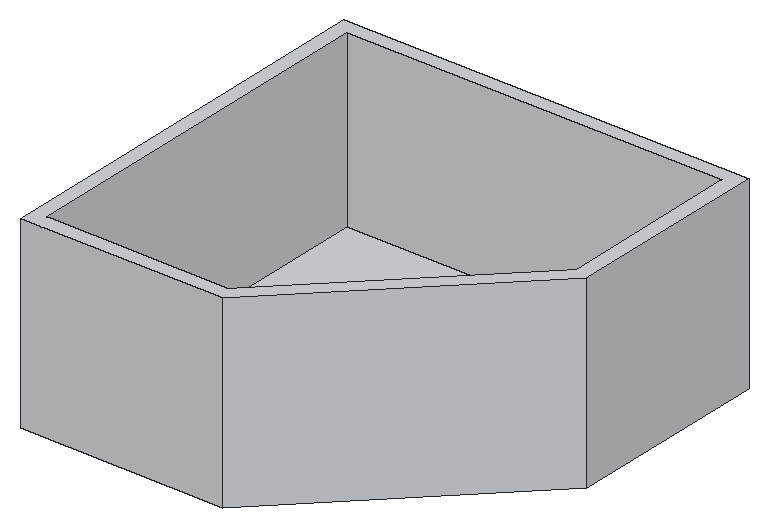
Revit family "ab53b9603e104e8f8b3d9ad6ff5f1131", category Plumbing Fixtures, Revit 2021
Family settings
  Round Connector Dimension = Use Radius
  Part Type = Normal
  OmniClass Number = 23.45.05.14.14
  OmniClass Title = Sinks/Lavatories
  Seek Item ID = Sink - Mop-0000-USA-ENU
  Work Plane-Based = No
  Always vertical = Yes
  Cut with Voids When Loaded = No
  Shared = No
  Room Calculation Point = No
Parameters (values of type "28"x28"")
  WFU = 2
  Sink Width = 2' - 4"
  Sink Material = none
  Sink Length = 2' - 4"
  Sanitary Radius = 1"
  Sanitary Diameter = Sanitary Radius * 2  # 2"
  Half Sink Width = Sink Width / 2  # 1' - 2"
  Half Sink Length = Sink Length / 2  # 1' - 2"
  HWFU = 0
  Default Elevation = 0' - 0"
  CWFU = 0
  Assembly Code = ""
Reference planes (in)
  plane 1 "Center (Front/Back)": y = 0
  plane 2: z = 0
  plane 3 "Center (Left/Right)": x = 0
  plane 4: x = 28
  plane 5: y = -28
  plane 6: z = 13
  plane 7: x = 27
  plane 8: x = 1
  plane 9: y = -27
  plane 10: y = -1
  plane 11: z = 1
  plane 12: x = 14
  plane 13: y = -14
Forms (in)
  Extrusion 1, solid, material <- "Sink Material"
    sketch origin (0, 0, 0) x (1, 0, 0) y (0, 1, 0)
      loop
        line (0, 0) -> (0, -28) -> (14, -28) -> (28, -14) -> (28, 0) -> (0, 0)
    from 0 to 13
  Extrusion 2, void
    sketch origin (0, 0, 0) x (1, 0, 0) y (0, 1, 0)
      loop
        line (1, -1) -> (1, -27) -> (13.58579, -27) -> (27, -13.58579) -> (27, -1) -> (1, -1)
    from 1 to 13
  Extrusion 3, void
    sketch origin (0, 0, 0) x (1, 0, 0) y (0, 1, 0)
      loop
        circle (14, -14) r 1
    from 0 to 1
  Extrusion 4, solid, material <- "Sink Material"
    sketch origin (0, 0, 0) x (1, 0, 0) y (0, 1, 0)
      loop
        circle (14, -14) r 1
    from 0 to 1
Cuts and joins
  Extrusion 2, Extrusion 3 cuts Extrusion 1
Dimensions and locks (in)
  "Sink Length": plane 3 "Center (Left/Right)" to plane 4
  "Sink Width": plane 5 to plane 1 "Center (Front/Back)"
  locked: plane 6 to level at 13
  locked: plane 7 to plane 4 at 1
  locked: plane 3 "Center (Left/Right)" to plane 8 at 1
  locked: plane 1 "Center (Front/Back)" to plane 10 at 1
  locked: plane 5 to plane 9 at 1
  locked: plane 11 to level at 1
  "Half Sink Length": plane 3 "Center (Left/Right)" to plane 12
  "Half Sink Width": plane 13 to plane 1 "Center (Front/Back)"
  "Sanitary Radius": radius of Extrusion 3 sketch curve
  "Sanitary Radius": radius of Extrusion 4 sketch curve
  aligned and locked: plane 1 "Center (Front/Back)" to Extrusion 1 sketch curve
  aligned and locked: Extrusion 1 sketch curve to plane 4
  aligned and locked: plane 3 "Center (Left/Right)" to Extrusion 1 sketch curve
  aligned and locked: Extrusion 1 sketch curve to plane 5
  aligned and locked: Extrusion 1 to plane 2
  aligned and locked: plane 6 to Extrusion 1
  aligned and locked: Extrusion 2 sketch curve to plane 10
  aligned and locked: Extrusion 2 sketch curve to plane 7
  aligned and locked: Extrusion 2 sketch curve to plane 9
  aligned and locked: Extrusion 2 sketch curve to plane 8
  aligned and locked: plane 2 to cut or joined group of Extrusion 1, Extrusion 2, Extrusion 3
  aligned and locked: plane 6 to cut or joined group of Extrusion 1, Extrusion 2, Extrusion 3
  aligned and locked: plane 13 to Extrusion 3 sketch curve
  aligned and locked: plane 12 to Extrusion 3 sketch curve
  aligned and locked: Extrusion 3 to plane 2
  aligned and locked: plane 11 to Extrusion 3
  aligned and locked: Extrusion 2 to plane 11
  aligned and locked: plane 13 to Extrusion 4 sketch curve
  aligned and locked: plane 12 to Extrusion 4 sketch curve
  aligned and locked: Extrusion 4 to plane 2
  aligned and locked: plane 11 to Extrusion 4
Automatic sketch dimensions
  Extrusion 1 sketch curve to plane 12 = 0' - 0"
  Extrusion 1 sketch curve to plane 13 = 0' - 0"
  Extrusion 2 sketch curve to plane 12 = 0' - 0.41421"
  plane 13 to Extrusion 2 sketch curve = 0' - 0.41421"
Connectors (in)
  piping at (14, -14, 0), diameter 2, driven by "WFU", driven by "Sanitary Radius"
    settings: on cut or joined group of Extrusion 1, Extrusion 2, Extrusion 3, index 1, connector inside diameter 2", connector length 0' - 0", flow factor 0, pipe flow 0 GPM, pressure drop 0.00 psi, fitting loss kfactor 0, connector angle 0.00°, fixture units 2, engagement length 0' - 0", angle of deflection 0.00°, flow configuration 3, flow direction 2, fitting loss method 0, system type 16, joint type 0, gender type 0, connector reference index -1, connector utility 0, adjustable connector no, is connector primary yes, connector description "Out"
